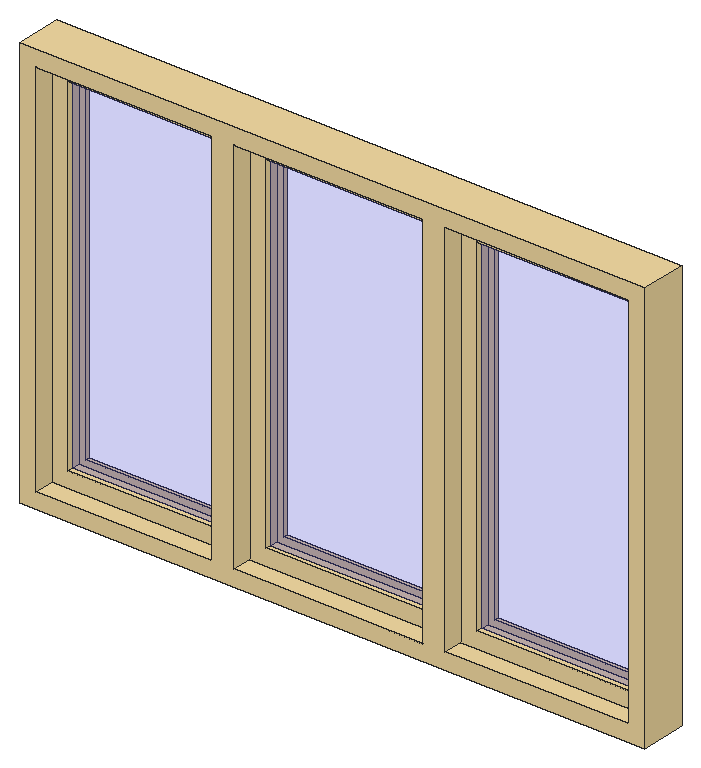
Revit family "6303-COto 62", category Windows, host Wall, Revit 2016
Family settings
  Host = Wall
  OmniClass Number = 23.30.20.00
  OmniClass Title = Windows
  Always vertical = Yes
  Cut with Voids When Loaded = No
  Shared = No
  Room Calculation Point = No
Parameters (values of type "1788x1188mm")
  top 3 [instance] = no
  top 2 [instance] = yes
  top 1 [instance] = no
  right 2 [instance] = no
  right 1 [instance] = no
  right 3 [instance] = yes
  left 3 [instance] = no
  left 2 [instance] = no
  left 1 [instance] = yes
  Sash 3 [instance] = or(top 3, right 3, left 3)  # yes
  Sash 2 [instance] = or(top 2, right 2, left 2)  # yes
  Sash 1 [instance] = or(top 1, right 1, left 1)  # yes
  Rough Width = Width + 2 * Joint  # 1812 mm
  Rough Height = Height + 2 * Joint  # 1212 mm
  Offset from wall = 40 mm
  Mullion 1 Placement = 596 mm
  Mullion 2 Placement = 1192 mm
  Manufacturer = "www.kronevinduer.dk"
  Joint = 12 mm
  Height = 1188 mm
  Frame 176mm [instance] = no
  Frame 157mm [instance] = no
  Default Sill Height = 800 mm
  Wall Closure = By host
  Width = 1788 mm
Reference planes
  plane 1 "Center (Front/Back)": y = 0
  plane 2 "Center (Left/Right)": x = 0
  plane 3 "Left": x = -894
  plane 4 "Right": x = 894
  plane 5 "Sill": z = 800
  plane 6 "Head": z = 1988
  plane 7 "Exterior": y = 100
  plane 8 "Interior": y = -100
  plane 9: y = 60
  plane 10: x = 882
  plane 11: x = -882
  plane 12: z = 812
  plane 13: z = 1976
  plane 14: x = 286
  plane 15: z = 1394
  plane 16: x = -310
  plane 17: x = 584
  plane 18: x = -12
  plane 19: x = -596
Forms (mm)
  Sweep 1, solid, material "Wood frame"
    path origin (0, 100, 0) x (1, 0, 0) y (0, 0, 1)
      loop
        line (882, 812) -> (882, 1976) -> (-882, 1976) -> (-882, 812) -> (882, 812)
    profile "COto 62 træ-alu,karm- fast glas 45mm : COto 62 træ-alu,karm- fast glas 45mm" origin (0, 100, 812) x (0, 0, -1) y (0, -1, 0)
      loop
        line (0, 170) -> (-45, 170) -> (-45, 99) -> (-27, 99) -> (-27, 51) -> (-45, 51) -> (-45, 40) -> (0, 40) -> (0, 170)
  Sweep 2, solid, material "Wood frame", visible <- "Frame 157mm"
    path origin (0, 100, 0) x (1, 0, 0) y (0, 0, 1)
      loop
        line (882, 812) -> (882, 1976) -> (-882, 1976) -> (-882, 812) -> (882, 812)
    profile "COto 62 træ-alu,karm- fast glas 45mm-157 : COto 62 træ-alu,karm- fast glas 45mm-157" origin (0, 100, 812) x (0, 0, -1) y (0, -1, 0)
      loop
        line (0, 197) -> (-45, 197) -> (-45, 99) -> (-27, 99) -> (-27, 51) -> (-45, 51) -> (-45, 40) -> (0, 40) -> (0, 197)
  Sweep 3, solid, material "Wood frame", visible <- "Frame 176mm"
    path origin (0, 100, 0) x (1, 0, 0) y (0, 0, 1)
      loop
        line (882, 812) -> (882, 1976) -> (-882, 1976) -> (-882, 812) -> (882, 812)
    profile "COto 62 træ-alu,karm- fast glas 45mm-176 : COto 62 træ-alu,karm- fast glas 45mm-176" origin (0, 100, 812) x (0, 0, -1) y (0, -1, 0)
      loop
        line (0, 216) -> (-45, 216) -> (-45, 99) -> (-27, 99) -> (-27, 51) -> (-45, 51) -> (-45, 40) -> (0, 40) -> (0, 216)
  Extrusion 4, solid, material "Glass"
    sketch origin (-894, 0, 0) x (0, -1, 0) y (0, 0, 1)
      loop
        line (-49, 839) -> (-1, 839) -> (-1, 1949) -> (-49, 1949) -> (-49, 839)
    from -1749 to -39
  Sweep 5, solid, material "Wood frame"
    path origin (0, 100, 0) x (1, 0, 0) y (0, 0, 1)
      loop
        line (286, 1976) -> (286, 812)
    profile "COto 62 træ-alu, Post-fast glas 63 mm : COto 62 træ-alu, Post-fast glas 63 mm" origin (286, 100, 1394) x (1, 0, 0) y (0, -1, 0)
      loop
        line (31.5, 170) -> (-31.5, 170) -> (-31.5, 99) -> (-13.5, 99) -> (-13.5, 51) -> (-31.5, 51) -> (-31.5, 40) -> (31.5, 40) -> (31.5, 51) -> (13.5, 51) -> (13.5, 99) -> (31.5, 99) -> (31.5, 170)
  Sweep 6, solid, material "Wood frame"
    path origin (0, 100, 0) x (1, 0, 0) y (0, 0, 1)
      loop
        line (-310, 812) -> (-310, 1976)
    profile "COto 62 træ-alu, Post-fast glas 63 mm : COto 62 træ-alu, Post-fast glas 63 mm" origin (-310, 100, 1394) x (-1, 0, 0) y (0, -1, 0)
      loop
        line (31.5, 170) -> (-31.5, 170) -> (-31.5, 99) -> (-13.5, 99) -> (-13.5, 51) -> (-31.5, 51) -> (-31.5, 40) -> (31.5, 40) -> (31.5, 51) -> (13.5, 51) -> (13.5, 99) -> (31.5, 99) -> (31.5, 170)
  Sweep 7, solid, material "Wood frame", visible <- "Frame 157mm"
    path origin (0, 100, 0) x (1, 0, 0) y (0, 0, 1)
      loop
        line (286, 1976) -> (286, 812)
    profile "COto 62 træ-alu, Post-fast glas 63 mm-157 : COto 62 træ-alu, Post-fast glas 63 mm-157" origin (286, 100, 1394) x (1, 0, 0) y (0, -1, 0)
      loop
        line (31.5, 197) -> (-31.5, 197) -> (-31.5, 99) -> (-13.5, 99) -> (-13.5, 51) -> (-31.5, 51) -> (-31.5, 40) -> (31.5, 40) -> (31.5, 51) -> (13.5, 51) -> (13.5, 99) -> (31.5, 99) -> (31.5, 197)
  Sweep 8, solid, material "Wood frame", visible <- "Frame 157mm"
    path origin (0, 100, 0) x (1, 0, 0) y (0, 0, 1)
      loop
        line (-310, 812) -> (-310, 1976)
    profile "COto 62 træ-alu, Post-fast glas 63 mm-157 : COto 62 træ-alu, Post-fast glas 63 mm-157" origin (-310, 100, 1394) x (-1, 0, 0) y (0, -1, 0)
      loop
        line (31.5, 197) -> (-31.5, 197) -> (-31.5, 99) -> (-13.5, 99) -> (-13.5, 51) -> (-31.5, 51) -> (-31.5, 40) -> (31.5, 40) -> (31.5, 51) -> (13.5, 51) -> (13.5, 99) -> (31.5, 99) -> (31.5, 197)
  Sweep 9, solid, material "Wood frame", visible <- "Frame 176mm"
    path origin (0, 100, 0) x (1, 0, 0) y (0, 0, 1)
      loop
        line (286, 812) -> (286, 1976)
    profile "COto 62 træ-alu, Post-fast glas 63 mm-176 : COto 62 træ-alu, Post-fast glas 63 mm-176" origin (286, 100, 1394) x (-1, 0, 0) y (0, -1, 0)
      loop
        line (31.5, 216) -> (-31.5, 216) -> (-31.5, 99) -> (-13.5, 99) -> (-13.5, 51) -> (-31.5, 51) -> (-31.5, 40) -> (31.5, 40) -> (31.5, 51) -> (13.5, 51) -> (13.5, 99) -> (31.5, 99) -> (31.5, 216)
  Sweep 10, solid, material "Wood frame", visible <- "Frame 176mm"
    path origin (0, 100, 0) x (1, 0, 0) y (0, 0, 1)
      loop
        line (-310, 812) -> (-310, 1976)
    profile "COto 62 træ-alu, Post-fast glas 63 mm-176 : COto 62 træ-alu, Post-fast glas 63 mm-176" origin (-310, 100, 1394) x (-1, 0, 0) y (0, -1, 0)
      loop
        line (31.5, 216) -> (-31.5, 216) -> (-31.5, 99) -> (-13.5, 99) -> (-13.5, 51) -> (-31.5, 51) -> (-31.5, 40) -> (31.5, 40) -> (31.5, 51) -> (13.5, 51) -> (13.5, 99) -> (31.5, 99) -> (31.5, 216)
  Sweep 11, solid, material "Wood frame", visible <- "Sash 1"
    path origin (0, 100, 0) x (1, 0, 0) y (0, 0, 1)
      loop
        line (855, 839) -> (855, 1949) -> (299.5, 1949) -> (299.5, 839) -> (855, 839)
    profile "COto 62 træ-alu,opluk-ramme : COto 62 træ-alu,opluk-ramme" origin (577.25, 100, 839) x (0, 0, -1) y (0, -1, 0)
      loop
        line (0, 99) -> (-18, 99) -> (-18, 114) -> (-63, 114) -> (-63, 99) -> (-45, 99) -> (-45, 51) -> (-63, 51) -> (-63, 40) -> (0, 40) -> (0, 99)
  Sweep 12, solid, material "Wood frame", visible <- "Sash 2"
    path origin (0, 100, 0) x (1, 0, 0) y (0, 0, 1)
      loop
        line (272.5, 839) -> (272.5, 1949) -> (-296.5, 1949) -> (-296.5, 839) -> (272.5, 839)
    profile "COto 62 træ-alu,opluk-ramme : COto 62 træ-alu,opluk-ramme" origin (-12, 100, 839) x (0, 0, -1) y (0, -1, 0)
      loop
        line (0, 99) -> (-18, 99) -> (-18, 114) -> (-63, 114) -> (-63, 99) -> (-45, 99) -> (-45, 51) -> (-63, 51) -> (-63, 40) -> (0, 40) -> (0, 99)
  Sweep 13, solid, material "Wood frame", visible <- "Sash 3"
    path origin (0, 100, 0) x (1, 0, 0) y (0, 0, 1)
      loop
        line (-323.5, 839) -> (-323.5, 1949) -> (-855, 1949) -> (-855, 839) -> (-323.5, 839)
    profile "COto 62 træ-alu,opluk-ramme : COto 62 træ-alu,opluk-ramme" origin (-589.25, 100, 839) x (0, 0, -1) y (0, -1, 0)
      loop
        line (0, 99) -> (-18, 99) -> (-18, 114) -> (-63, 114) -> (-63, 99) -> (-45, 99) -> (-45, 51) -> (-63, 51) -> (-63, 40) -> (0, 40) -> (0, 99)
Cuts and joins
  joined: Sweep 1, Sweep 5, Sweep 6
  joined: Sweep 2, Sweep 7, Sweep 8
  joined: Sweep 3, Sweep 9, Sweep 10
Lines and regions (mm)
  Opening 1
    outline origin (3500, -100, 0) x (1, 0, 0) y (0, 0, 1)
      loop
        line (-2606, 800) -> (-2606, 1988) -> (-4394, 1988) -> (-4394, 800) -> (-2606, 800)
  symbolic lines
    curve 1: line (855, 100, 1949) -> (855, 100, 1838)
  symbolic lines, visible <- "top 1"
    curve 2: line (855, 100, 1949) -> (584, 100, 839)
    curve 3: line (584, 100, 839) -> (299.5, 100, 1949)
  symbolic lines, visible <- "top 2"
    curve 4: line (272.5, 100, 1949) -> (-12, 100, 839)
    curve 5: line (-12, 100, 839) -> (-296.5, 100, 1949)
  symbolic lines, visible <- "top 3"
    curve 6: line (-323.5, 100, 1949) -> (-596, 100, 839)
    curve 7: line (-596, 100, 839) -> (-855, 100, 1949)
  symbolic lines, visible <- "left 1"
    curve 8: line (855, 100, 1949) -> (299.5, 100, 1394)
    curve 9: line (299.5, 100, 1394) -> (855, 100, 839)
  symbolic lines, visible <- "right 1"
    curve 10: line (299.5, 100, 1949) -> (855, 100, 1394)
    curve 11: line (855, 100, 1394) -> (299.5, 100, 839)
  symbolic lines, visible <- "left 2"
    curve 12: line (272.5, 100, 1949) -> (-296.5, 100, 1394)
    curve 13: line (-296.5, 100, 1394) -> (272.5, 100, 839)
  symbolic lines, visible <- "right 2"
    curve 14: line (-296.5, 100, 1949) -> (272.5, 100, 1394)
    curve 15: line (272.5, 100, 1394) -> (-296.5, 100, 839)
  symbolic lines, visible <- "left 3"
    curve 16: line (-323.5, 100, 1949) -> (-855, 100, 1394)
    curve 17: line (-855, 100, 1394) -> (-323.5, 100, 839)
  symbolic lines, visible <- "right 3"
    curve 18: line (-855, 100, 1949) -> (-323.5, 100, 1394)
    curve 19: line (-323.5, 100, 1394) -> (-855, 100, 839)
Text (mm)
  text "EXTERIOR" at (-1963.203, 1332.353, 0), in view "Ref. Level"
  text "INTERIOR" at (-1981.466, -818.386, 0), in view "Ref. Level"
  text "Exterior" at (0, 923.751, 2943.296), in view "Right"
  text "Exterior" at (0, 1040.484, 2685.409), in view "Left"
Dimensions and locks
  equal spacing: plane 3 "Left", plane 2 "Center (Left/Right)", plane 4 "Right"
  "Width": plane 3 "Left" to plane 4 "Right"
  "Height": plane 5 "Sill" to plane 6 "Head"
  "Default Sill Height": plane 5 "Sill" to level
  locked: plane 7 "Exterior" to host wall at 0
  locked: plane 8 "Interior" to host wall
  "Joint": plane 13 to plane 6 "Head"
  "Joint": plane 5 "Sill" to plane 12
  "Joint": plane 3 "Left" to plane 11
  "Joint": plane 10 to plane 4 "Right"
  "Offset from wall": plane 9 to plane 7 "Exterior"
  "Mullion 1 Placement": plane 14 to plane 10
  plane 14 to plane 10 = 596 mm
  equal spacing: plane 12, plane 15, plane 13
  equal spacing: plane 14, plane 17, plane 10
  equal spacing: plane 16, plane 18, plane 14
  equal spacing: plane 11, plane 19, plane 16
  "Mullion 2 Placement": plane 16 to plane 10
  aligned and locked: plane 12 to Sweep 1 sketch curve
  aligned and locked: plane 10 to Sweep 1 sketch curve
  aligned and locked: Sweep 1 sketch curve to plane 13
  aligned and locked: Sweep 1 sketch curve to plane 11
  aligned and locked: Extrusion 4 sketch curve to Sweep 1  (x2)
  aligned and locked: Extrusion 4 to Sweep 1  (x4)
  aligned and locked: Sweep 11 sketch curve to Extrusion 4  (x2)
  aligned and locked: cut or joined group of Sweep 1, Sweep 5, Sweep 6 to Sweep 11 sketch curve
  aligned and locked: Sweep 11 sketch curve to cut or joined group of Sweep 1, Sweep 5, Sweep 6
  aligned and locked: cut or joined group of Sweep 1, Sweep 5, Sweep 6 to Sweep 12 sketch curve  (x2)
  aligned and locked: Sweep 12 sketch curve to cut or joined group of Sweep 1, Sweep 5, Sweep 6  (x2)
  aligned and locked: cut or joined group of Sweep 1, Sweep 5, Sweep 6 to Sweep 13 sketch curve
  aligned and locked: Sweep 13 sketch curve to cut or joined group of Sweep 1, Sweep 5, Sweep 6
  aligned and locked: Sweep 13 sketch curve to Extrusion 4  (x2)
Automatic sketch dimensions
  Opening 1 sketch curve to plane 3 "Left" = 0 mm
  Opening 1 sketch curve to plane 4 "Right" = 0 mm
  Opening 1 sketch curve to plane 5 "Sill" = 0 mm
  Opening 1 sketch curve to plane 6 "Head" = 0 mm
  plane 11 to Sweep 2 sketch curve = 0 mm
  plane 10 to Sweep 2 sketch curve = 0 mm
  Sweep 2 sketch curve to plane 12 = 0 mm
  Sweep 2 sketch curve to plane 13 = 0 mm
  plane 11 to Sweep 3 sketch curve = 0 mm
  plane 10 to Sweep 3 sketch curve = 0 mm
  Sweep 3 sketch curve to plane 12 = 0 mm
  Sweep 3 sketch curve to plane 13 = 0 mm
  Extrusion 4 sketch curve to plane 5 "Sill" = 39 mm
  plane 6 "Head" to Extrusion 4 sketch curve = 39 mm
  Sweep 5 sketch curve to plane 12 = 0 mm
  plane 14 to Sweep 5 sketch curve = 0 mm
  Sweep 5 sketch curve to plane 13 = 0 mm
  Sweep 6 sketch curve to plane 13 = 0 mm
  plane 16 to Sweep 6 sketch curve = 0 mm
  Sweep 6 sketch curve to plane 12 = 0 mm
  Sweep 7 sketch curve to plane 12 = 0 mm
  plane 14 to Sweep 7 sketch curve = 0 mm
  Sweep 7 sketch curve to plane 13 = 0 mm
  Sweep 8 sketch curve to plane 13 = 0 mm
  plane 16 to Sweep 8 sketch curve = 0 mm
  Sweep 8 sketch curve to plane 12 = 0 mm
  Sweep 9 sketch curve to plane 13 = 0 mm
  plane 14 to Sweep 9 sketch curve = 0 mm
  Sweep 9 sketch curve to plane 12 = 0 mm
  Sweep 10 sketch curve to plane 13 = 0 mm
  plane 16 to Sweep 10 sketch curve = 0 mm
  Sweep 10 sketch curve to plane 12 = 0 mm
  curve 16 to plane 15 = 0 mm
  curve 7 to plane 19 = 0 mm
  curve 19 to plane 15 = 0 mm
  curve 13 to plane 15 = 0 mm
  curve 4 to plane 18 = 0 mm
  curve 14 to plane 15 = 0 mm
  curve 9 to plane 15 = 0 mm
  curve 3 to plane 17 = 0 mm
  curve 10 to plane 15 = 0 mm
  curve 17 to plane 11 = 27 mm
  curve 7 to plane 11 = 27 mm
  plane 16 to curve 6 = 13.5 mm
  curve 5 to plane 16 = 13.5 mm
  curve 13 to plane 16 = 13.5 mm
  plane 14 to curve 14 = 13.5 mm
  plane 14 to curve 4 = 13.5 mm
  curve 3 to plane 14 = 13.5 mm
  curve 9 to plane 14 = 13.5 mm
  plane 10 to curve 10 = 27 mm
  plane 10 to curve 2 = 27 mm
  plane 12 to curve 6 = 27 mm
  plane 12 to curve 5 = 27 mm
  plane 12 to curve 3 = 27 mm
  curve 10 to plane 13 = 27 mm
  curve 14 to plane 13 = 27 mm
  curve 8 to plane 13 = 27 mm
  curve 7 to plane 13 = 27 mm
  curve 6 to curve 5 = 0 mm
  curve 4 to curve 3 = 0 mm
  curve 19 to plane 11 = 27 mm
  plane 16 to curve 17 = 13.5 mm
  plane 16 to curve 18 = 13.5 mm
  curve 15 to plane 16 = 13.5 mm
  plane 14 to curve 13 = 13.5 mm
  curve 11 to plane 14 = 13.5 mm
  plane 10 to curve 9 = 27 mm
  plane 12 to curve 11 = 27 mm
  plane 12 to curve 15 = 27 mm
  curve 17 to curve 15 = 0 mm
  plane 12 to curve 9 = 27 mm
  curve 13 to curve 11 = 0 mm
  plane 12 to curve 19 = 27 mm
  curve 1 to curve 1 = 111 mm
